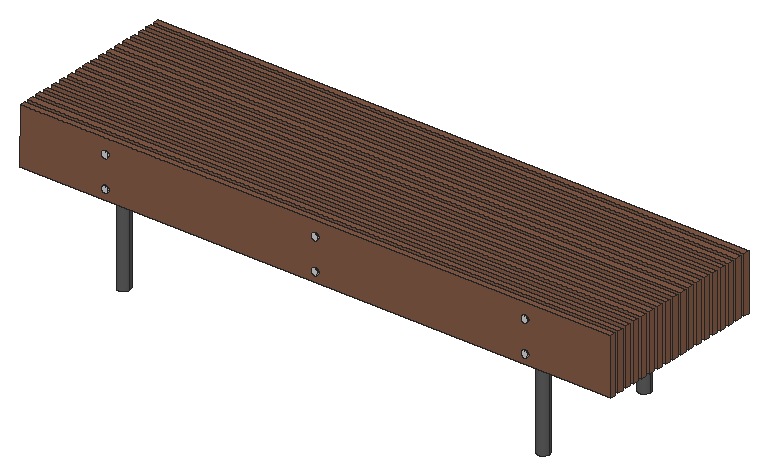
Revit family "FS_Скамейка_Линия_R16", category Антураж, Revit 2016
Family settings
  На основе рабочей плоскости = Нет
  Всегда вертикально = Да
  При загрузке вырезать с полостями = Нет
  Источник визуального образа = Геометрия семейства
  Общий = Нет
  Точка расчета площади = Нет
Parameters (values of type "Скамейка «Линия» 1.8м")
  Стоимость = 44414
  Комментарии к типоразмеру = "Материалы: сталь, брус"  # constant formula
  Изготовитель = "ООО 'Хоббика'"  # constant formula
  Высота = 0 mm
  URL = "https://hobbyka.ru/product/skameyka_liniya/?sphrase_id=96776"
  ADSK_Размер_Ширина = 530 mm
  ADSK_Размер_Длина = 1800 mm
  ADSK_Размер_Высота = 440 mm
  ADSK_Наименование = "Скамейка «Линия» 1.8м"
  ADSK_Материал опоры = FS_Сталь
  ADSK_Материал крепления = FS_Цинк
  ADSK_Материал доски = FS_Древесина
  ADSK_Код изделия = "12776"  # constant formula
Reference planes
  plane 1 "По центру (Вперед/Назад)": y = 0
  plane 2: z = 0
  plane 3 "По центру (Влево/Вправо)": x = 0
  plane 4: x = -900
  plane 5: x = 900
  plane 6: x = -640
  plane 7: x = 640
  plane 8 "1": z = 270
  plane 9: y = 265
  plane 10: y = -265
Forms (mm)
  Extrusion 1, solid, material "FS_Сталь" <- "ADSK_Материал опоры"
    sketch origin (0, 480, 270) x (1, 0, 0) y (0, 1, 0)
      loop
        line (612, -247) -> (668, -247) -> (668, -233) -> (612, -233) -> (612, -247)
    from 0 to 145
  Extrusion 2, solid, material "FS_Сталь" <- "ADSK_Материал опоры"
    sketch origin (0, 450, 270) x (1, 0, 0) y (0, 1, 0)
      loop
        line (612, -247) -> (668, -247) -> (668, -233) -> (612, -233) -> (612, -247)
    from 0 to 145
  Extrusion 3, solid, material "FS_Сталь" <- "ADSK_Материал опоры"
    sketch origin (0, 420, 270) x (1, 0, 0) y (0, 1, 0)
      loop
        line (612, -247) -> (668, -247) -> (668, -233) -> (612, -233) -> (612, -247)
    from 0 to 145
  Extrusion 4, solid, material "FS_Сталь" <- "ADSK_Материал опоры"
    sketch origin (0, 390, 270) x (1, 0, 0) y (0, 1, 0)
      loop
        line (612, -247) -> (668, -247) -> (668, -233) -> (612, -233) -> (612, -247)
    from 0 to 145
  Extrusion 5, solid, material "FS_Сталь" <- "ADSK_Материал опоры"
    sketch origin (0, 360, 270) x (1, 0, 0) y (0, 1, 0)
      loop
        line (612, -247) -> (668, -247) -> (668, -233) -> (612, -233) -> (612, -247)
    from 0 to 145
  Extrusion 6, solid, material "FS_Сталь" <- "ADSK_Материал опоры"
    sketch origin (0, 330, 270) x (1, 0, 0) y (0, 1, 0)
      loop
        line (612, -247) -> (668, -247) -> (668, -233) -> (612, -233) -> (612, -247)
    from 0 to 145
  Extrusion 7, solid, material "FS_Сталь" <- "ADSK_Материал опоры"
    sketch origin (0, 300, 270) x (1, 0, 0) y (0, 1, 0)
      loop
        line (612, -247) -> (668, -247) -> (668, -233) -> (612, -233) -> (612, -247)
    from 0 to 145
  Extrusion 8, solid, material "FS_Сталь" <- "ADSK_Материал опоры"
    sketch origin (0, 270, 270) x (1, 0, 0) y (0, 1, 0)
      loop
        line (612, -247) -> (668, -247) -> (668, -233) -> (612, -233) -> (612, -247)
    from 0 to 145
  Extrusion 9, solid, material "FS_Сталь" <- "ADSK_Материал опоры"
    sketch origin (0, 240, 270) x (1, 0, 0) y (0, 1, 0)
      loop
        line (612, -247) -> (668, -247) -> (668, -233) -> (612, -233) -> (612, -247)
    from 0 to 145
  Extrusion 10, solid, material "FS_Сталь" <- "ADSK_Материал опоры"
    sketch origin (0, 210, 270) x (1, 0, 0) y (0, 1, 0)
      loop
        line (612, -247) -> (668, -247) -> (668, -233) -> (612, -233) -> (612, -247)
    from 0 to 145
  Extrusion 11, solid, material "FS_Сталь" <- "ADSK_Материал опоры"
    sketch origin (0, 180, 270) x (1, 0, 0) y (0, 1, 0)
      loop
        line (612, -247) -> (668, -247) -> (668, -233) -> (612, -233) -> (612, -247)
    from 0 to 145
  Extrusion 12, solid, material "FS_Сталь" <- "ADSK_Материал опоры"
    sketch origin (0, 150, 270) x (1, 0, 0) y (0, 1, 0)
      loop
        line (612, -247) -> (668, -247) -> (668, -233) -> (612, -233) -> (612, -247)
    from 0 to 145
  Extrusion 13, solid, material "FS_Сталь" <- "ADSK_Материал опоры"
    sketch origin (0, 120, 270) x (1, 0, 0) y (0, 1, 0)
      loop
        line (612, -247) -> (668, -247) -> (668, -233) -> (612, -233) -> (612, -247)
    from 0 to 145
  Extrusion 14, solid, material "FS_Сталь" <- "ADSK_Материал опоры"
    sketch origin (0, 90, 270) x (1, 0, 0) y (0, 1, 0)
      loop
        line (612, -247) -> (668, -247) -> (668, -233) -> (612, -233) -> (612, -247)
    from 0 to 145
  Extrusion 15, solid, material "FS_Сталь" <- "ADSK_Материал опоры"
    sketch origin (0, 60, 270) x (1, 0, 0) y (0, 1, 0)
      loop
        line (612, -247) -> (668, -247) -> (668, -233) -> (612, -233) -> (612, -247)
    from 0 to 145
  Extrusion 16, solid, material "FS_Сталь" <- "ADSK_Материал опоры"
    sketch origin (0, 30, 270) x (1, 0, 0) y (0, 1, 0)
      loop
        line (612, -247) -> (668, -247) -> (668, -233) -> (612, -233) -> (612, -247)
    from 0 to 145
  Extrusion 17, solid, material "FS_Сталь" <- "ADSK_Материал опоры"
    sketch origin (0, 0, 270) x (1, 0, 0) y (0, 1, 0)
      loop
        line (612, -247) -> (668, -247) -> (668, -233) -> (612, -233) -> (612, -247)
    from 0 to 145
  Extrusion 18, solid, material "FS_Сталь" <- "ADSK_Материал опоры"
    sketch origin (-640, 480, 270) x (1, 0, 0) y (0, 1, 0)
      loop
        line (612, -247) -> (668, -247) -> (668, -233) -> (612, -233) -> (612, -247)
    from 0 to 145
  Extrusion 19, solid, material "FS_Сталь" <- "ADSK_Материал опоры"
    sketch origin (-640, 450, 270) x (1, 0, 0) y (0, 1, 0)
      loop
        line (612, -247) -> (668, -247) -> (668, -233) -> (612, -233) -> (612, -247)
    from 0 to 145
  Extrusion 20, solid, material "FS_Сталь" <- "ADSK_Материал опоры"
    sketch origin (-640, 420, 270) x (1, 0, 0) y (0, 1, 0)
      loop
        line (612, -247) -> (668, -247) -> (668, -233) -> (612, -233) -> (612, -247)
    from 0 to 145
  Extrusion 21, solid, material "FS_Сталь" <- "ADSK_Материал опоры"
    sketch origin (-640, 390, 270) x (1, 0, 0) y (0, 1, 0)
      loop
        line (612, -247) -> (668, -247) -> (668, -233) -> (612, -233) -> (612, -247)
    from 0 to 145
  Extrusion 22, solid, material "FS_Сталь" <- "ADSK_Материал опоры"
    sketch origin (-640, 360, 270) x (1, 0, 0) y (0, 1, 0)
      loop
        line (612, -247) -> (668, -247) -> (668, -233) -> (612, -233) -> (612, -247)
    from 0 to 145
  Extrusion 23, solid, material "FS_Сталь" <- "ADSK_Материал опоры"
    sketch origin (-640, 330, 270) x (1, 0, 0) y (0, 1, 0)
      loop
        line (612, -247) -> (668, -247) -> (668, -233) -> (612, -233) -> (612, -247)
    from 0 to 145
  Extrusion 24, solid, material "FS_Сталь" <- "ADSK_Материал опоры"
    sketch origin (-640, 300, 270) x (1, 0, 0) y (0, 1, 0)
      loop
        line (612, -247) -> (668, -247) -> (668, -233) -> (612, -233) -> (612, -247)
    from 0 to 145
  Extrusion 25, solid, material "FS_Сталь" <- "ADSK_Материал опоры"
    sketch origin (-640, 270, 270) x (1, 0, 0) y (0, 1, 0)
      loop
        line (612, -247) -> (668, -247) -> (668, -233) -> (612, -233) -> (612, -247)
    from 0 to 145
  Extrusion 26, solid, material "FS_Сталь" <- "ADSK_Материал опоры"
    sketch origin (-640, 240, 270) x (1, 0, 0) y (0, 1, 0)
      loop
        line (612, -247) -> (668, -247) -> (668, -233) -> (612, -233) -> (612, -247)
    from 0 to 145
  Extrusion 27, solid, material "FS_Сталь" <- "ADSK_Материал опоры"
    sketch origin (-640, 210, 270) x (1, 0, 0) y (0, 1, 0)
      loop
        line (612, -247) -> (668, -247) -> (668, -233) -> (612, -233) -> (612, -247)
    from 0 to 145
  Extrusion 28, solid, material "FS_Сталь" <- "ADSK_Материал опоры"
    sketch origin (-640, 180, 270) x (1, 0, 0) y (0, 1, 0)
      loop
        line (612, -247) -> (668, -247) -> (668, -233) -> (612, -233) -> (612, -247)
    from 0 to 145
  Extrusion 29, solid, material "FS_Сталь" <- "ADSK_Материал опоры"
    sketch origin (-640, 150, 270) x (1, 0, 0) y (0, 1, 0)
      loop
        line (612, -247) -> (668, -247) -> (668, -233) -> (612, -233) -> (612, -247)
    from 0 to 145
  Extrusion 30, solid, material "FS_Сталь" <- "ADSK_Материал опоры"
    sketch origin (-640, 120, 270) x (1, 0, 0) y (0, 1, 0)
      loop
        line (612, -247) -> (668, -247) -> (668, -233) -> (612, -233) -> (612, -247)
    from 0 to 145
  Extrusion 31, solid, material "FS_Сталь" <- "ADSK_Материал опоры"
    sketch origin (-640, 90, 270) x (1, 0, 0) y (0, 1, 0)
      loop
        line (612, -247) -> (668, -247) -> (668, -233) -> (612, -233) -> (612, -247)
    from 0 to 145
  Extrusion 32, solid, material "FS_Сталь" <- "ADSK_Материал опоры"
    sketch origin (-640, 60, 270) x (1, 0, 0) y (0, 1, 0)
      loop
        line (612, -247) -> (668, -247) -> (668, -233) -> (612, -233) -> (612, -247)
    from 0 to 145
  Extrusion 33, solid, material "FS_Сталь" <- "ADSK_Материал опоры"
    sketch origin (-640, 30, 270) x (1, 0, 0) y (0, 1, 0)
      loop
        line (612, -247) -> (668, -247) -> (668, -233) -> (612, -233) -> (612, -247)
    from 0 to 145
  Extrusion 34, solid, material "FS_Сталь" <- "ADSK_Материал опоры"
    sketch origin (-640, 0, 270) x (1, 0, 0) y (0, 1, 0)
      loop
        line (612, -247) -> (668, -247) -> (668, -233) -> (612, -233) -> (612, -247)
    from 0 to 145
  Extrusion 35, solid, material "FS_Сталь" <- "ADSK_Материал опоры"
    sketch origin (-1280, 480, 270) x (1, 0, 0) y (0, 1, 0)
      loop
        line (612, -247) -> (668, -247) -> (668, -233) -> (612, -233) -> (612, -247)
    from 0 to 145
  Extrusion 36, solid, material "FS_Сталь" <- "ADSK_Материал опоры"
    sketch origin (-1280, 450, 270) x (1, 0, 0) y (0, 1, 0)
      loop
        line (612, -247) -> (668, -247) -> (668, -233) -> (612, -233) -> (612, -247)
    from 0 to 145
  Extrusion 37, solid, material "FS_Сталь" <- "ADSK_Материал опоры"
    sketch origin (-1280, 420, 270) x (1, 0, 0) y (0, 1, 0)
      loop
        line (612, -247) -> (668, -247) -> (668, -233) -> (612, -233) -> (612, -247)
    from 0 to 145
  Extrusion 38, solid, material "FS_Сталь" <- "ADSK_Материал опоры"
    sketch origin (-1280, 390, 270) x (1, 0, 0) y (0, 1, 0)
      loop
        line (612, -247) -> (668, -247) -> (668, -233) -> (612, -233) -> (612, -247)
    from 0 to 145
  Extrusion 39, solid, material "FS_Сталь" <- "ADSK_Материал опоры"
    sketch origin (-1280, 360, 270) x (1, 0, 0) y (0, 1, 0)
      loop
        line (612, -247) -> (668, -247) -> (668, -233) -> (612, -233) -> (612, -247)
    from 0 to 145
  Extrusion 40, solid, material "FS_Сталь" <- "ADSK_Материал опоры"
    sketch origin (-1280, 330, 270) x (1, 0, 0) y (0, 1, 0)
      loop
        line (612, -247) -> (668, -247) -> (668, -233) -> (612, -233) -> (612, -247)
    from 0 to 145
  Extrusion 41, solid, material "FS_Сталь" <- "ADSK_Материал опоры"
    sketch origin (-1280, 300, 270) x (1, 0, 0) y (0, 1, 0)
      loop
        line (612, -247) -> (668, -247) -> (668, -233) -> (612, -233) -> (612, -247)
    from 0 to 145
  Extrusion 42, solid, material "FS_Сталь" <- "ADSK_Материал опоры"
    sketch origin (-1280, 270, 270) x (1, 0, 0) y (0, 1, 0)
      loop
        line (612, -247) -> (668, -247) -> (668, -233) -> (612, -233) -> (612, -247)
    from 0 to 145
  Extrusion 43, solid, material "FS_Сталь" <- "ADSK_Материал опоры"
    sketch origin (-1280, 240, 270) x (1, 0, 0) y (0, 1, 0)
      loop
        line (612, -247) -> (668, -247) -> (668, -233) -> (612, -233) -> (612, -247)
    from 0 to 145
  Extrusion 44, solid, material "FS_Сталь" <- "ADSK_Материал опоры"
    sketch origin (-1280, 210, 270) x (1, 0, 0) y (0, 1, 0)
      loop
        line (612, -247) -> (668, -247) -> (668, -233) -> (612, -233) -> (612, -247)
    from 0 to 145
  Extrusion 45, solid, material "FS_Сталь" <- "ADSK_Материал опоры"
    sketch origin (-1280, 180, 270) x (1, 0, 0) y (0, 1, 0)
      loop
        line (612, -247) -> (668, -247) -> (668, -233) -> (612, -233) -> (612, -247)
    from 0 to 145
  Extrusion 46, solid, material "FS_Сталь" <- "ADSK_Материал опоры"
    sketch origin (-1280, 150, 270) x (1, 0, 0) y (0, 1, 0)
      loop
        line (612, -247) -> (668, -247) -> (668, -233) -> (612, -233) -> (612, -247)
    from 0 to 145
  Extrusion 47, solid, material "FS_Сталь" <- "ADSK_Материал опоры"
    sketch origin (-1280, 120, 270) x (1, 0, 0) y (0, 1, 0)
      loop
        line (612, -247) -> (668, -247) -> (668, -233) -> (612, -233) -> (612, -247)
    from 0 to 145
  Extrusion 48, solid, material "FS_Сталь" <- "ADSK_Материал опоры"
    sketch origin (-1280, 90, 270) x (1, 0, 0) y (0, 1, 0)
      loop
        line (612, -247) -> (668, -247) -> (668, -233) -> (612, -233) -> (612, -247)
    from 0 to 145
  Extrusion 49, solid, material "FS_Сталь" <- "ADSK_Материал опоры"
    sketch origin (-1280, 60, 270) x (1, 0, 0) y (0, 1, 0)
      loop
        line (612, -247) -> (668, -247) -> (668, -233) -> (612, -233) -> (612, -247)
    from 0 to 145
  Extrusion 50, solid, material "FS_Сталь" <- "ADSK_Материал опоры"
    sketch origin (-1280, 30, 270) x (1, 0, 0) y (0, 1, 0)
      loop
        line (612, -247) -> (668, -247) -> (668, -233) -> (612, -233) -> (612, -247)
    from 0 to 145
  Extrusion 51, solid, material "FS_Сталь" <- "ADSK_Материал опоры"
    sketch origin (-1280, 0, 270) x (1, 0, 0) y (0, 1, 0)
      loop
        line (612, -247) -> (668, -247) -> (668, -233) -> (612, -233) -> (612, -247)
    from 0 to 145
  Extrusion 52, solid, material "FS_Цинк" <- "ADSK_Материал крепления"
    sketch origin (900, -263, 440) x (-1, 0, 0) y (0, 0, -1)
      loop
        circle (1540, 140) r 10
      loop
        circle (1540, 45) r 10
    from 0 to 2
  Extrusion 53, solid, material "FS_Цинк" <- "ADSK_Материал крепления"
    sketch origin (1540, -263, 440) x (-1, 0, 0) y (0, 0, -1)
      loop
        circle (1540, 140) r 10
      loop
        circle (1540, 45) r 10
    from 0 to 2
  Extrusion 54, solid, material "FS_Цинк" <- "ADSK_Материал крепления"
    sketch origin (2180, -263, 440) x (-1, 0, 0) y (0, 0, -1)
      loop
        circle (1540, 140) r 10
      loop
        circle (1540, 45) r 10
    from 0 to 2
  Extrusion 55, solid, material "FS_Цинк" <- "ADSK_Материал крепления"
    sketch origin (900, 263, 440) x (-1, 0, 0) y (0, 0, 1)
      loop
        circle (1540, -140) r 10
      loop
        circle (1540, -45) r 10
    from 0 to 2
  Extrusion 56, solid, material "FS_Цинк" <- "ADSK_Материал крепления"
    sketch origin (1540, 263, 440) x (-1, 0, 0) y (0, 0, 1)
      loop
        circle (1540, -140) r 10
      loop
        circle (1540, -45) r 10
    from 0 to 2
  Extrusion 57, solid, material "FS_Цинк" <- "ADSK_Материал крепления"
    sketch origin (2180, 263, 440) x (-1, 0, 0) y (0, 0, 1)
      loop
        circle (1540, -140) r 10
      loop
        circle (1540, -45) r 10
    from 0 to 2
Dimensions and locks
  "ADSK_Размер_Длина": plane 4 to plane 5
  equal spacing: plane 4, plane 3 "По центру (Влево/Вправо)", plane 5
  locked: plane 4 to plane 6 at 260
  locked: plane 7 to plane 5 at 260
  equal spacing: plane 9, plane 1 "По центру (Вперед/Назад)", plane 10
  "ADSK_Размер_Ширина": plane 9 to plane 10
  equal spacing: group 1, group 2, group 3, group 4, group 5, group 6, group 7, group 8, group 9, group 10, group 11, group 12, group 13, group 14, group 15, group 16, group 17  (x2)
  equal spacing: group 17, group 16, group 15, group 14, group 13, group 12, group 11, group 10, group 9, group 8, group 7, group 6, group 5, group 4, group 3, group 2, group 1
  aligned and locked: level to plane 2
  aligned and locked: plane 1 "По центру (Вперед/Назад)" to nested 2
  aligned and locked: plane 1 "По центру (Вперед/Назад)" to nested 1
  aligned and locked: plane 7 to nested 1
  aligned and locked: plane 6 to nested 2
  aligned and locked: nested 3 to plane 5
  aligned and locked: nested 3 to plane 4
  aligned and locked: nested 20 to plane 4
  aligned and locked: nested 19 to plane 4
  aligned and locked: nested 18 to plane 4
  aligned and locked: nested 17 to plane 4
  aligned and locked: nested 16 to plane 4
  aligned and locked: nested 15 to plane 4
  aligned and locked: nested 14 to plane 4
  aligned and locked: nested 13 to plane 4
  aligned and locked: nested 12 to plane 4
  aligned and locked: nested 11 to plane 4
  aligned and locked: nested 10 to plane 4
  aligned and locked: nested 9 to plane 4
  aligned and locked: nested 8 to plane 4
  aligned and locked: nested 7 to plane 4
  aligned and locked: nested 6 to plane 4
  aligned and locked: nested 5 to plane 4
  aligned and locked: nested 4 to plane 4
  aligned and locked: nested 4 to plane 5
  aligned and locked: nested 5 to plane 5
  aligned and locked: nested 6 to plane 5
  aligned and locked: nested 7 to plane 5
  aligned and locked: nested 8 to plane 5
  aligned and locked: nested 9 to plane 5
  aligned and locked: nested 10 to plane 5
  aligned and locked: nested 11 to plane 5
  aligned and locked: nested 12 to plane 5
  aligned and locked: nested 13 to plane 5
  aligned and locked: nested 14 to plane 5
  aligned and locked: nested 15 to plane 5
  aligned and locked: nested 16 to plane 5
  aligned and locked: nested 17 to plane 5
  aligned and locked: nested 18 to plane 5
  aligned and locked: nested 19 to plane 5
  aligned and locked: nested 20 to plane 5
Automatic sketch dimensions
  Extrusion 17 sketch curve to Extrusion 17 sketch curve = 56 mm
  Extrusion 17 sketch curve to Extrusion 17 sketch curve = 14 mm
  Extrusion 1 sketch curve to Extrusion 1 sketch curve = 56 mm
  Extrusion 1 sketch curve to Extrusion 1 sketch curve = 14 mm
  Extrusion 2 sketch curve to Extrusion 2 sketch curve = 56 mm
  Extrusion 2 sketch curve to Extrusion 2 sketch curve = 14 mm
  Extrusion 3 sketch curve to Extrusion 3 sketch curve = 56 mm
  Extrusion 3 sketch curve to Extrusion 3 sketch curve = 14 mm
  Extrusion 4 sketch curve to Extrusion 4 sketch curve = 56 mm
  Extrusion 4 sketch curve to Extrusion 4 sketch curve = 14 mm
  Extrusion 5 sketch curve to Extrusion 5 sketch curve = 56 mm
  Extrusion 5 sketch curve to Extrusion 5 sketch curve = 14 mm
  Extrusion 6 sketch curve to Extrusion 6 sketch curve = 56 mm
  Extrusion 6 sketch curve to Extrusion 6 sketch curve = 14 mm
  Extrusion 7 sketch curve to Extrusion 7 sketch curve = 56 mm
  Extrusion 7 sketch curve to Extrusion 7 sketch curve = 14 mm
  Extrusion 8 sketch curve to Extrusion 8 sketch curve = 56 mm
  Extrusion 8 sketch curve to Extrusion 8 sketch curve = 14 mm
  Extrusion 9 sketch curve to Extrusion 9 sketch curve = 56 mm
  Extrusion 9 sketch curve to Extrusion 9 sketch curve = 14 mm
  Extrusion 10 sketch curve to Extrusion 10 sketch curve = 56 mm
  Extrusion 10 sketch curve to Extrusion 10 sketch curve = 14 mm
  Extrusion 11 sketch curve to Extrusion 11 sketch curve = 56 mm
  Extrusion 11 sketch curve to Extrusion 11 sketch curve = 14 mm
  Extrusion 12 sketch curve to Extrusion 12 sketch curve = 56 mm
  Extrusion 12 sketch curve to Extrusion 12 sketch curve = 14 mm
  Extrusion 13 sketch curve to Extrusion 13 sketch curve = 56 mm
  Extrusion 13 sketch curve to Extrusion 13 sketch curve = 14 mm
  Extrusion 14 sketch curve to Extrusion 14 sketch curve = 56 mm
  Extrusion 14 sketch curve to Extrusion 14 sketch curve = 14 mm
  Extrusion 15 sketch curve to Extrusion 15 sketch curve = 56 mm
  Extrusion 15 sketch curve to Extrusion 15 sketch curve = 14 mm
  Extrusion 16 sketch curve to Extrusion 16 sketch curve = 56 mm
  Extrusion 16 sketch curve to Extrusion 16 sketch curve = 14 mm
  Extrusion 18 sketch curve to Extrusion 18 sketch curve = 56 mm
  Extrusion 18 sketch curve to Extrusion 18 sketch curve = 14 mm
  Extrusion 19 sketch curve to Extrusion 19 sketch curve = 56 mm
  Extrusion 19 sketch curve to Extrusion 19 sketch curve = 14 mm
  Extrusion 20 sketch curve to Extrusion 20 sketch curve = 56 mm
  Extrusion 20 sketch curve to Extrusion 20 sketch curve = 14 mm
  Extrusion 21 sketch curve to Extrusion 21 sketch curve = 56 mm
  Extrusion 21 sketch curve to Extrusion 21 sketch curve = 14 mm
  Extrusion 22 sketch curve to Extrusion 22 sketch curve = 56 mm
  Extrusion 22 sketch curve to Extrusion 22 sketch curve = 14 mm
  Extrusion 23 sketch curve to Extrusion 23 sketch curve = 56 mm
  Extrusion 23 sketch curve to Extrusion 23 sketch curve = 14 mm
  Extrusion 24 sketch curve to Extrusion 24 sketch curve = 56 mm
  Extrusion 24 sketch curve to Extrusion 24 sketch curve = 14 mm
  Extrusion 25 sketch curve to Extrusion 25 sketch curve = 56 mm
  Extrusion 25 sketch curve to Extrusion 25 sketch curve = 14 mm
  Extrusion 26 sketch curve to Extrusion 26 sketch curve = 56 mm
  Extrusion 26 sketch curve to Extrusion 26 sketch curve = 14 mm
  Extrusion 27 sketch curve to Extrusion 27 sketch curve = 56 mm
  Extrusion 27 sketch curve to Extrusion 27 sketch curve = 14 mm
  Extrusion 28 sketch curve to Extrusion 28 sketch curve = 56 mm
  Extrusion 28 sketch curve to Extrusion 28 sketch curve = 14 mm
  Extrusion 29 sketch curve to Extrusion 29 sketch curve = 56 mm
  Extrusion 29 sketch curve to Extrusion 29 sketch curve = 14 mm
  Extrusion 30 sketch curve to Extrusion 30 sketch curve = 56 mm
  Extrusion 30 sketch curve to Extrusion 30 sketch curve = 14 mm
  Extrusion 31 sketch curve to Extrusion 31 sketch curve = 56 mm
  Extrusion 31 sketch curve to Extrusion 31 sketch curve = 14 mm
  Extrusion 32 sketch curve to Extrusion 32 sketch curve = 56 mm
  Extrusion 32 sketch curve to Extrusion 32 sketch curve = 14 mm
  Extrusion 33 sketch curve to Extrusion 33 sketch curve = 56 mm
  Extrusion 33 sketch curve to Extrusion 33 sketch curve = 14 mm
  Extrusion 34 sketch curve to Extrusion 34 sketch curve = 56 mm
  Extrusion 34 sketch curve to Extrusion 34 sketch curve = 14 mm
  Extrusion 35 sketch curve to Extrusion 35 sketch curve = 56 mm
  Extrusion 35 sketch curve to Extrusion 35 sketch curve = 14 mm
  Extrusion 36 sketch curve to Extrusion 36 sketch curve = 56 mm
  Extrusion 36 sketch curve to Extrusion 36 sketch curve = 14 mm
  Extrusion 37 sketch curve to Extrusion 37 sketch curve = 56 mm
  Extrusion 37 sketch curve to Extrusion 37 sketch curve = 14 mm
  Extrusion 38 sketch curve to Extrusion 38 sketch curve = 56 mm
  Extrusion 38 sketch curve to Extrusion 38 sketch curve = 14 mm
  Extrusion 39 sketch curve to Extrusion 39 sketch curve = 56 mm
  Extrusion 39 sketch curve to Extrusion 39 sketch curve = 14 mm
  Extrusion 40 sketch curve to Extrusion 40 sketch curve = 56 mm
  Extrusion 40 sketch curve to Extrusion 40 sketch curve = 14 mm
  Extrusion 41 sketch curve to Extrusion 41 sketch curve = 56 mm
  Extrusion 41 sketch curve to Extrusion 41 sketch curve = 14 mm
  Extrusion 42 sketch curve to Extrusion 42 sketch curve = 56 mm
  Extrusion 42 sketch curve to Extrusion 42 sketch curve = 14 mm
  Extrusion 43 sketch curve to Extrusion 43 sketch curve = 56 mm
  Extrusion 43 sketch curve to Extrusion 43 sketch curve = 14 mm
  Extrusion 44 sketch curve to Extrusion 44 sketch curve = 56 mm
  Extrusion 44 sketch curve to Extrusion 44 sketch curve = 14 mm
  Extrusion 45 sketch curve to Extrusion 45 sketch curve = 56 mm
  Extrusion 45 sketch curve to Extrusion 45 sketch curve = 14 mm
  Extrusion 46 sketch curve to Extrusion 46 sketch curve = 56 mm
  Extrusion 46 sketch curve to Extrusion 46 sketch curve = 14 mm
  Extrusion 47 sketch curve to Extrusion 47 sketch curve = 56 mm
  Extrusion 47 sketch curve to Extrusion 47 sketch curve = 14 mm
  Extrusion 48 sketch curve to Extrusion 48 sketch curve = 56 mm
  Extrusion 48 sketch curve to Extrusion 48 sketch curve = 14 mm
  Extrusion 49 sketch curve to Extrusion 49 sketch curve = 56 mm
  Extrusion 49 sketch curve to Extrusion 49 sketch curve = 14 mm
  Extrusion 50 sketch curve to Extrusion 50 sketch curve = 56 mm
  Extrusion 50 sketch curve to Extrusion 50 sketch curve = 14 mm
  Extrusion 51 sketch curve to Extrusion 51 sketch curve = 56 mm
  Extrusion 51 sketch curve to Extrusion 51 sketch curve = 14 mm
  Extrusion 52 sketch curve to nested 3 = 45 mm
  nested 3 to Extrusion 52 sketch curve = 260 mm
  Extrusion 52 sketch curve to nested 3 = 30 mm
  Extrusion 52 sketch curve to Extrusion 52 sketch curve = 0 mm
  Extrusion 53 sketch curve to nested 3 = 45 mm
  nested 3 to Extrusion 53 sketch curve = 900 mm
  Extrusion 53 sketch curve to nested 3 = 30 mm
  Extrusion 53 sketch curve to Extrusion 53 sketch curve = 0 mm
  Extrusion 54 sketch curve to nested 3 = 45 mm
  nested 3 to Extrusion 54 sketch curve = 260 mm
  Extrusion 54 sketch curve to nested 3 = 30 mm
  Extrusion 54 sketch curve to Extrusion 54 sketch curve = 0 mm
  Extrusion 55 sketch curve to plane 6 = 0 mm  (x2)
  plane 8 "1" to Extrusion 55 sketch curve = 30 mm
  Extrusion 55 sketch curve to Extrusion 55 sketch curve = 95 mm
  Extrusion 56 sketch curve to plane 3 "По центру (Влево/Вправо)" = 0 mm  (x2)
  plane 8 "1" to Extrusion 56 sketch curve = 30 mm
  Extrusion 56 sketch curve to Extrusion 56 sketch curve = 95 mm
  Extrusion 57 sketch curve to plane 7 = 0 mm  (x2)
  plane 8 "1" to Extrusion 57 sketch curve = 30 mm
  Extrusion 57 sketch curve to Extrusion 57 sketch curve = 95 mm
  radius of Extrusion 52 sketch curve = 10 mm  (x2)
  radius of Extrusion 53 sketch curve = 10 mm  (x2)
  radius of Extrusion 54 sketch curve = 10 mm  (x2)
  radius of Extrusion 55 sketch curve = 10 mm  (x2)
  radius of Extrusion 56 sketch curve = 10 mm  (x2)
  radius of Extrusion 57 sketch curve = 10 mm  (x2)
Nested families
  nested 1: "FS_Скамейка_Линия_Опора" at (640, 0, 0), type "FS_Скамейка_Линия_Опора"
  nested 2: "FS_Скамейка_Линия_Опора" at (-640, 0, 0), type "FS_Скамейка_Линия_Опора"
  nested 3: "Брус_Без фаски" at (0, -255, 355) x (0, 0, 1) z (1, 0, 0), type "170x16"
    with Длина 1800 mm, Ширина 170 mm, Толщина 16 mm, Кремление_Видимость no
  nested 4: "Брус_Без фаски" at (0, -225, 355) x (0, 0, 1) z (1, 0, 0), type "170x16"
    with Длина 1800 mm, Ширина 170 mm, Толщина 16 mm, Кремление_Видимость no
  nested 5: "Брус_Без фаски" at (0, -195, 355) x (0, 0, 1) z (1, 0, 0), type "170x16"
    with Длина 1800 mm, Ширина 170 mm, Толщина 16 mm, Кремление_Видимость no
  nested 6: "Брус_Без фаски" at (0, -165, 355) x (0, 0, 1) z (1, 0, 0), type "170x16"
    with Длина 1800 mm, Ширина 170 mm, Толщина 16 mm, Кремление_Видимость no
  nested 7: "Брус_Без фаски" at (0, -135, 355) x (0, 0, 1) z (1, 0, 0), type "170x16"
    with Длина 1800 mm, Ширина 170 mm, Толщина 16 mm, Кремление_Видимость no
  nested 8: "Брус_Без фаски" at (0, -105, 355) x (0, 0, 1) z (1, 0, 0), type "170x16"
    with Длина 1800 mm, Ширина 170 mm, Толщина 16 mm, Кремление_Видимость no
  nested 9: "Брус_Без фаски" at (0, -75, 355) x (0, 0, 1) z (1, 0, 0), type "170x16"
    with Длина 1800 mm, Ширина 170 mm, Толщина 16 mm, Кремление_Видимость no
  nested 10: "Брус_Без фаски" at (0, -45, 355) x (0, 0, 1) z (1, 0, 0), type "170x16"
    with Длина 1800 mm, Ширина 170 mm, Толщина 16 mm, Кремление_Видимость no
  nested 11: "Брус_Без фаски" at (0, -15, 355) x (0, 0, 1) z (1, 0, 0), type "170x16"
    with Длина 1800 mm, Ширина 170 mm, Толщина 16 mm, Кремление_Видимость no
  nested 12: "Брус_Без фаски" at (0, 15, 355) x (0, 0, 1) z (1, 0, 0), type "170x16"
    with Длина 1800 mm, Ширина 170 mm, Толщина 16 mm, Кремление_Видимость no
  nested 13: "Брус_Без фаски" at (0, 45, 355) x (0, 0, 1) z (1, 0, 0), type "170x16"
    with Длина 1800 mm, Ширина 170 mm, Толщина 16 mm, Кремление_Видимость no
  nested 14: "Брус_Без фаски" at (0, 75, 355) x (0, 0, 1) z (1, 0, 0), type "170x16"
    with Длина 1800 mm, Ширина 170 mm, Толщина 16 mm, Кремление_Видимость no
  nested 15: "Брус_Без фаски" at (0, 105, 355) x (0, 0, 1) z (1, 0, 0), type "170x16"
    with Длина 1800 mm, Ширина 170 mm, Толщина 16 mm, Кремление_Видимость no
  nested 16: "Брус_Без фаски" at (0, 135, 355) x (0, 0, 1) z (1, 0, 0), type "170x16"
    with Длина 1800 mm, Ширина 170 mm, Толщина 16 mm, Кремление_Видимость no
  nested 17: "Брус_Без фаски" at (0, 165, 355) x (0, 0, 1) z (1, 0, 0), type "170x16"
    with Длина 1800 mm, Ширина 170 mm, Толщина 16 mm, Кремление_Видимость no
  nested 18: "Брус_Без фаски" at (0, 195, 355) x (0, 0, 1) z (1, 0, 0), type "170x16"
    with Длина 1800 mm, Ширина 170 mm, Толщина 16 mm, Кремление_Видимость no
  nested 19: "Брус_Без фаски" at (0, 225, 355) x (0, 0, 1) z (1, 0, 0), type "170x16"
    with Длина 1800 mm, Ширина 170 mm, Толщина 16 mm, Кремление_Видимость no
  nested 20: "Брус_Без фаски" at (0, 255, 355) x (0, 0, 1) z (1, 0, 0), type "170x16"
    with Длина 1800 mm, Ширина 170 mm, Толщина 16 mm, Кремление_Видимость no
Definition of nested family "FS_Скамейка_Линия_Опора"
  Parameters (values of type "FS_Скамейка_Линия_Опора")
    Ширина = 156 mm
    Длина = 476 mm
    ADSK_Материал опоры = none
  Reference planes
    plane 1 "Center (Front/Back)": y = 0
    plane 2: z = 0
    plane 3 "Center (Left/Right)": x = 0
    plane 4: y = 238
    plane 5: y = -238
    plane 6: x = -78
    plane 7: x = 78
    plane 8: y = 193
    plane 9: y = -193
    plane 10 "1": z = 260
  Forms (mm)
    Extrusion 1, solid, material <- "ADSK_Материал опоры"
      sketch origin (0, 0, 0) x (1, 0, 0) y (0, 1, 0)
        loop
          circle (0, 193) r 18
        loop
          circle (0, -193) r 18
      from 0 to 260
    Extrusion 2, solid, material <- "ADSK_Материал опоры"
      sketch origin (0, 0, 260) x (0, 1, 0) y (-1, 0, 0)
        loop
          line (238, 78) -> (-238, 78) -> (-238, -78) -> (238, -78) -> (238, 78)
      from 0 to 10
  Dimensions and locks
    equal spacing: plane 4, plane 1 "Center (Front/Back)", plane 5
    "Длина": plane 4 to plane 5
    equal spacing: plane 6, plane 3 "Center (Left/Right)", plane 7
    "Ширина": plane 6 to plane 7
    locked: plane 3 "Center (Left/Right)" to Extrusion 1 sketch curve  (x2)
    locked: plane 8 to Extrusion 1 sketch curve at 0
    locked: plane 9 to Extrusion 1 sketch curve at 0
    plane 10 "1" to plane 2 = 260 mm
    aligned and locked: level to plane 2
    aligned and locked: plane 10 "1" to Extrusion 1
    aligned and locked: Extrusion 1 to level
    aligned and locked: Extrusion 2 sketch curve to plane 4
    aligned and locked: plane 6 to Extrusion 2 sketch curve
    aligned and locked: Extrusion 2 sketch curve to plane 5
    aligned and locked: plane 7 to Extrusion 2 sketch curve
  Automatic sketch dimensions
    radius of Extrusion 1 sketch curve = 18 mm  (x2)
Definition of nested family "Брус_Без фаски"
  Parameters (values of type "Брус_Без фаски")
    Ширина = 50 mm
    Толщина = 30 mm
    Default Elevation = 0 mm
    Крепление_Диаметр = 10 mm
    Крепление_Глубина посадки = 30 mm
    Кремление_Видимость = yes
    Длина [instance] = 1000 mm
    ADSK_Материал крепления = none
    ADSK_Материал доски = none
  Reference planes
    plane 1 "По центру (Вперед/Назад)": y = 0
    plane 2: z = 0
    plane 3 "По центру (Влево/Вправо)": x = 0
    plane 4: y = 15
    plane 5: x = 25
    plane 6: x = -25
    plane 7: y = -15
    plane 8: z = 500
    plane 9: z = -500
    plane 10: z = 470
    plane 11: z = -470
  Forms (mm)
    Extrusion 1, solid, material <- "ADSK_Материал доски"
      sketch origin (0, 0, 0) x (1, 0, 0) y (0, 1, 0)
        loop
          line (-25, 15) -> (-25, -15) -> (25, -15) -> (25, 15) -> (-25, 15)
      from -500 to 500
    Extrusion 2, solid, material <- "ADSK_Материал крепления", visible <- "Кремление_Видимость"
      sketch origin (-50, 15, 1200) x (-1, 0, 0) y (0, 0, 1)
        loop
          circle (-50, -730) r 5
        loop
          circle (-50, -1670) r 5
      from 0 to 1
  Dimensions and locks
    equal spacing: plane 6, plane 3 "По центру (Влево/Вправо)", plane 5
    "Ширина": plane 6 to plane 5
    equal spacing: plane 4, plane 1 "По центру (Вперед/Назад)", plane 7
    "Толщина": plane 4 to plane 7
    equal spacing: plane 9, plane 2, plane 8
    "Длина": plane 9 to plane 8
    "Крепление_Глубина посадки": plane 10 to plane 8
    "Крепление_Глубина посадки": plane 11 to plane 9
    locked: plane 3 "По центру (Влево/Вправо)" to Extrusion 2 sketch curve at 0  (x2)
    locked: plane 10 to Extrusion 2 sketch curve at 0
    locked: plane 11 to Extrusion 2 sketch curve at 0
    "Крепление_Диаметр": diameter of Extrusion 2 sketch curve  (x2)
    aligned and locked: level to plane 2
    aligned and locked: Extrusion 1 sketch curve to plane 4
    aligned and locked: Extrusion 1 sketch curve to plane 6
    aligned and locked: Extrusion 1 sketch curve to plane 5
    aligned and locked: plane 8 to Extrusion 1
    aligned and locked: plane 9 to Extrusion 1
    aligned and locked: Extrusion 1 sketch curve to plane 7
